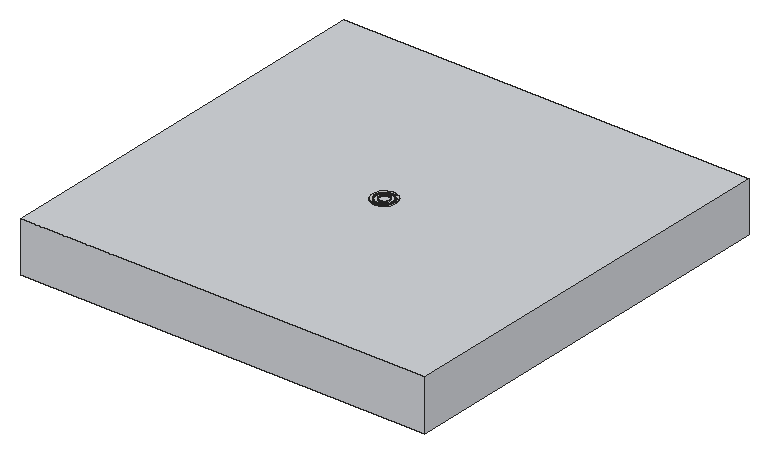
Revit family "LAMP_HANCE DOWNLIGHT RECESSED FLOOD 1000_2000 (DALI)", category Modelos genéricos, Revit 2015
Parameters (values of type "675LM 4000K 1000 BLACK")
  Weight = 0.72 kg
  Type = "COB PHILIPS"
  Tilting [instance] = if(Tilt < 0.00°, 180.00°, if(Tilt > 30.00°, 210.00°, Tilt + 180.00°))  # 180.00°
  Tilt [instance] = 0.00°
  Recessed diameter = 132 mm
  Protection rating = "IP20"
  Product datasheet = "http://www.lamp.es/product-files/TECH/HD1RE10FL840DBB-EN.pdf"
  Product code = "HD1RE10FL840DBB"
  Product URL = "https://www.lamp.es/en/family/hance-downlight_196363"
  Power Supply = "220-240V 50/60Hz"
  Power = 7 W
  Plum = 7.6 W
  Photometric web file = Cuerpo Hance BASE (tilting)_FL : 675LM 4000K 1000 BLACK
  Modelo = Product code  # "HD1RE10FL840DBB"
  Model explanation = "Availability of tilting between 0º and 30º when placed in a project."
  Material interior aro = LAMP_Aluminio Hance Negro
  Material aro = LAMP_Aluminio Hance Negro
  Manufacturer name = "LAMP"
  Manufacturer country = "Spain"
  Manufacturer URL = "http://www.lamp.es/en"
  MacAdam = "3"
  Luminaire type = "Indoor - Recessed downlight"
  Last update = "22/11/2019"
  Lamp = "COB LED"
  LED Lifetime = "50.000 L80 B10"
  Insulation class = "II"
  Installation instructions = "https://www.lamp.es/product-files/INS/1004410-B-INSTR.%20DE%20MONTAJE%20HANCE%20DOWNLIGHT.pdf"
  Initial intensity = 675 lm
  Initial color = 4000 K
  IEE = "A+"
  Gear = "Adjustable DALI"
  Finish = "Texturised black RAL 9011"
  Fabricante = Manufacturer name  # "LAMP"
  Default Elevation = 1219.2 mm
  Efficacy = 88.82 lm/W
  Diameter = 143 mm
  Descripción = "HANCE DOWN REC 1000 NW FL DALI BK."
  Decorative ring [instance] = Aro decorativo (tilting) : Black
  Comentarios de tipo = Model explanation  # "Availability of tilting between 0º and 30º when placed in a project."
  CRI = "80"
Types (8, lengths in mm): name | Product datasheet | Product code | Power | Plum | Photometric web file | Modelo | Material aro | Initial intensity | Initial color | IEE | Finish | Efficacy | Descripción
  675LM 4000K 1000 BLACK | "http://www.lamp.es/product-files/TECH/HD1RE10FL840DBB-EN.pdf" | "HD1RE10FL840DBB" | 7 W | 7.6 W | Cuerpo Hance BASE (tilting)_FL : 675LM 4000K 1000 BLACK | "HD1RE10FL840DBB" | LAMP_Aluminio Hance Negro | 675 lm | 4000 K | "A+" | "Texturised black RAL 9011" | 88.82 lm/W | "HANCE DOWN REC 1000 NW FL DALI BK."
  675LM 4000K 1000 WHITE | "http://www.lamp.es/product-files/TECH/HD1RE10FL840DBW-EN.pdf" | "HD1RE10FL840DBW" | 7 W | 7.6 W | Cuerpo Hance BASE (tilting)_FL : 675LM 4000K 1000 WHITE | "HD1RE10FL840DBW" | LAMP_Aluminio Hance Blanco | 675 lm | 4000 K | "A+" | "Texturised white RAL 9010" | 88.82 lm/W | "HANCE DOWN REC 1000 NW FL DALI WH."
  697LM 3000K 1000 BLACK | "http://www.lamp.es/product-files/TECH/HD1RE10FL830DBB-EN.pdf" | "HD1RE10FL830DBB" | 7 W | 7.7 W | Cuerpo Hance BASE (tilting)_FL : 697LM 3000K 1000 BLACK | "HD1RE10FL830DBB" | LAMP_Aluminio Hance Negro | 697 lm | 3000 K | "A+" | "Texturised black RAL 9011" | 90.49 lm/W | "HANCE DOWN REC 1000 WW FL DALI BK."
  697LM 3000K 1000 WHITE | "http://www.lamp.es/product-files/TECH/HD1RE10FL830DBW-EN.pdf" | "HD1RE10FL830DBW" | 7 W | 7.7 W | Cuerpo Hance BASE (tilting)_FL : 697LM 3000K 1000 WHITE | "HD1RE10FL830DBW" | LAMP_Aluminio Hance Blanco | 697 lm | 3000 K | "A+" | "Texturised white RAL 9010" | 90.49 lm/W | "HANCE DOWN REC 1000 WW FL DALI WH."
  1445LM 3000K 2000 BLACK | "http://www.lamp.es/product-files/TECH/HD1RE20FL830DBB-EN.pdf" | "HD1RE20FL830DBB" | 18 W | 20.7 W | Cuerpo Hance BASE (tilting)_FL : 1445LM 3000K 2000 BLACK | "HD1RE20FL830DBB" | LAMP_Aluminio Hance Negro | 1445 lm | 3000 K | "A" | "Texturised black RAL 9011" | 69.83 lm/W | "HANCE DOWN REC 2000 WW FL DALI BK."
  1445LM 3000K 2000 WHITE | "http://www.lamp.es/product-files/TECH/HD1RE20FL830DBW-EN.pdf" | "HD1RE20FL830DBW" | 18 W | 20.7 W | Cuerpo Hance BASE (tilting)_FL : 1445LM 3000K 2000 WHITE | "HD1RE20FL830DBW" | LAMP_Aluminio Hance Blanco | 1445 lm | 3000 K | "A" | "Texturised white RAL 9010" | 69.83 lm/W | "HANCE DOWN REC 2000 WW FL DALI WH."
  1466LM 4000K 2000 BLACK | "http://www.lamp.es/product-files/TECH/HD1RE20FL840DBB-EN.pdf" | "HD1RE20FL840DBB" | 18 W | 20.6 W | Cuerpo Hance BASE (tilting)_FL : 1466LM 4000K 2000 BLACK | "HD1RE20FL840DBB" | LAMP_Aluminio Hance Negro | 1466 lm | 4000 K | "A" | "Texturised black RAL 9011" | 71.17 lm/W | "HANCE DOWN REC 2000 NW FL DALI BK."
  1466LM 4000K 2000 WHITE | "http://www.lamp.es/product-files/TECH/HD1RE20FL840DBW-EN.pdf" | "HD1RE20FL840DBW" | 18 W | 20.6 W | Cuerpo Hance BASE (tilting)_FL : 1466LM 4000K 2000 WHITE | "HD1RE20FL840DBW" | LAMP_Aluminio Hance Blanco | 1466 lm | 4000 K | "A" | "Texturised white RAL 9010" | 71.17 lm/W | "HANCE DOWN REC 2000 NW FL DALI WH."
Reference planes
  plane 1 "Centro (Frontal/Posterior)": y = 0
  plane 2: z = 0
  plane 3 "Centro (Izquierda/Derecha)": x = 0
Forms (mm)
  Extrusion 1, solid
    sketch origin (0, 0, 0) x (1, 0, 0) y (0, 1, 0)
      loop
        line (-1219.2, 1219.2) -> (-1219.2, -1219.2) -> (1219.2, -1219.2) -> (1219.2, 1219.2) -> (-1219.2, 1219.2)
    from 0 to -304.8
  Revolve 2, solid, material "LAMP_Aluminio Hance Negro" <- "Material aro"
    sketch origin (0, 0, 0) x (1, 0, 0) y (0, 0, 1)
      loop
        line (71.4, 0) -> (71.4, 1) -> (56.5, 1) -> (56.5, -70) -> (64.5, -70) -> (64.5, -69) -> (59, -69) -> (59, 0) -> (71.4, 0)
      axis (0, 1) -> (0, -70)
    angle from 0 to 360
  Revolve 3, solid, material "LAMP_Aluminio Hance Negro" <- "Material interior aro"
    sketch origin (0, 0, 0) x (1, 0, 0) y (0, 0, 1)
      loop
        arc (51.874, -0.646) -> (51.598, -1.016) -> (51.498, -1.466) r 1.1
        arc (51.498, -1.466) -> (49.354, -17.889) -> (43.277, -33.297) r 67.535
        arc (43.277, -33.297) -> (42.922, -33.665) -> (42.43, -33.8) r 0.965
        line (42.43, -33.8) -> (0, -33.8) -> (0, -34.8) -> (42.43, -34.8)
        arc (42.43, -34.8) -> (42.922, -34.665) -> (43.277, -34.297) r 0.965
        arc (43.277, -34.297) -> (49.354, -18.889) -> (51.498, -2.466) r 67.535
        arc (51.498, -2.466) -> (51.598, -2.016) -> (51.874, -1.646) r 1.1
        arc (51.874, -1.646) -> (53.912, -0.425) -> (56.25, 0) r 6.641
        line (56.25, 0) -> (56.25, 1)
        arc (56.25, 1) -> (53.912, 0.575) -> (51.874, -0.646) r 6.641
      axis (0, 1) -> (0, -34.8)
    angle from 0 to 360
  Extrusion 4, void
    sketch origin (0, 0, 0) x (1, 0, 0) y (0, 1, 0)
      loop
        line (7.1, 33.5) -> (-7.105, 33.5)
        arc (-7.105, 33.5) -> (-40.605, 0) -> (-7.105, -33.5) r 33.5
        line (-7.105, -33.5) -> (7.1, -33.5)
        arc (7.1, -33.5) -> (40.6, 0) -> (7.1, 33.5) r 33.5
    from -41.216 to -28.478
Cuts and joins
  Extrusion 4 cuts Revolve 3
Text (mm)
  text "Any modification of the parameters and properties of the LAMP BIM models must be executed and validated by the LAMP technical department.\n\nPhone: +34 93 736 68 00\n\nE-mail: lamp@lamp.es\n\n\n\nLAMP reserves the right to modify the technical specifications of its products." at (39771.841, -40794.867, 40621.237), in view "Preview"
Dimensions and locks
  aligned and locked: plane 2 to Extrusion 1
  aligned and locked: level to Extrusion 1
Nested families
  nested 1: "Cuerpo Hance BASE (tilting)_FL" at (0, 1.967, -41.662), type <- "Photometric web file", type "675LM 4000K 1000 BLACK"
    with Tilting 180.00°
  nested 2: "Aro decorativo (tilting)" at (-27.9, 0, -89.982), type <- "Decorative ring", type "Black"
    with Tilting 0.00°
Connectors
  electrical at (-16.363, 0, -133)
    settings: on nested 1, index 1, voltage 230 V, apparent load 0 VA, apparent load phase1 0 VA, apparent load phase2 0 VA, apparent load phase3 0 VA, power factor 1, load classification "Otro", number of poles 1, system type 31, power factor state 1, is connector primary yes, connector utility no, sub classification motor no, connector description ""
Definition of nested family "Cuerpo Hance BASE (tilting)_FL"
  Parameters (values of type "675LM 4000K 1000 BLACK")
    Tilting = 90.00°
    Photometric web file = Cuerpo Hance BASE_FL : 675LM 4000K 1000 BLACK
    Longitud cuerpo = 135 mm
    Default Elevation = 1219.2 mm
  Types (17, lengths in mm): name | Photometric web file
    (no name) | Cuerpo Hance BASE_FL : 675LM 4000K 1000 BLACK
    675LM 4000K 1000 BLACK | Cuerpo Hance BASE_FL : 675LM 4000K 1000 BLACK
    675LM 4000K 1000 WHITE | Cuerpo Hance BASE_FL : 675LM 4000K 1000 WHITE
    697LM 3000K 1000 BLACK | Cuerpo Hance BASE_FL : 697LM 3000K 1000 BLACK
    697LM 3000K 1000 WHITE | Cuerpo Hance BASE_FL : 697LM 3000K 1000 WHITE
    1445LM 3000K 2000 BLACK | Cuerpo Hance BASE_FL : 1445LM 3000K 2000 BLACK
    1445LM 3000K 2000 WHITE | Cuerpo Hance BASE_FL : 1445LM 3000K 2000 WHITE
    1466LM 4000K 2000 BLACK | Cuerpo Hance BASE_FL : 1466LM 4000K 2000 BLACK
    1466LM 4000K 2000 WHITE | Cuerpo Hance BASE_FL : 1466LM 4000K 2000 WHITE
    2686LM 4000K 3000 BLACK | Cuerpo Hance BASE_FL : 2686LM 4000K 3000 BLACK
    2686LM 4000K 3000 WHITE | Cuerpo Hance BASE_FL : 2686LM 4000K 3000 WHITE
    2740LM 3000K 3000 BLACK | Cuerpo Hance BASE_FL : 2740LM 3000K 3000 BLACK
    2740LM 3000K 3000 WHITE | Cuerpo Hance BASE_FL : 2740LM 3000K 3000 WHITE
    3695LM 3000K 4000 BLACK | Cuerpo Hance BASE_FL : 3695LM 3000K 4000 BLACK
    3695LM 3000K 4000 WHITE | Cuerpo Hance BASE_FL : 3695LM 3000K 4000 WHITE
    3845LM 4000K 4000 BLACK | Cuerpo Hance BASE_FL : 3845LM 4000K 4000 BLACK
    3845LM 4000K 4000 WHITE | Cuerpo Hance BASE_FL : 3845LM 4000K 4000 WHITE
  Reference planes
    plane 1 "Centro (Frontal/Posterior)": y = 0
    plane 2: z = 0
    plane 3 "Centro (Izquierda/Derecha)": x = 0
  Lines and regions (mm)
    reference lines
      curve 1: line (0, 0, 0) -> (200, 0, 0)
  Dimensions and locks
    "Tilting": angle plane 3 "Centro (Izquierda/Derecha)" to curve 1
    aligned and locked: level to plane 2
    aligned and locked: plane 3 "Centro (Izquierda/Derecha)" to curve 1
    aligned and locked: plane 2 to curve 1
  Nested families
    nested 1: "Cuerpo Hance BASE_FL" at (-50.338, -1.967, 27.875), type <- "Photometric web file", type "675LM 4000K 1000 BLACK"
  Definition of nested family "Cuerpo Hance BASE_FL"
    Parameters (values of type "675LM 4000K 1000 BLACK")
      Tilt Angle = 90.00° + Tilting  # 180.00°
      Wattage = 7.6 W
      Tilting = 90.00°
      built-in parameter 1150107 = 4000 (stored number, unit not read)
      Radio vacio posterior = Radio cuerpo - 2.2 mm  # 30.3 mm
      Radio vaciado = Radio cuerpo - 1.5 mm  # 31 mm
      Radio cuerpo = if(Longitud cuerpo = 210 mm, 45 mm, 32.5 mm)  # 32.5 mm
      built-in parameter 1150110 = 1 (stored number, unit not read)
      built-in parameter 1150109 = 1 (stored number, unit not read)
      built-in parameter 1150112 = 1 (stored number, unit not read)
      built-in parameter 1150113 = 1 (stored number, unit not read)
      built-in parameter 1114218 = 1 (stored number, unit not read)
      built-in parameter 1150137 = (empty or 0)
      built-in parameter 1150132 = 2
      Material reflector = none
      Material cuerpo = none
      Material COB = none
      Longitud cuerpo = 135 mm
      Long. origen luz = if(Longitud cuerpo = 135 mm, 20 mm, if(Longitud cuerpo = 170 mm, 55 mm, 90 mm))  # 20 mm
      L_3 = if(Ancho disipador posterior = 80.4 mm, 39.6 mm, 12 mm)  # 12 mm
      L_2 = if(Ancho disipador posterior = 80.4 mm, 36.3 mm, 22.6 mm)  # 22.6 mm
      L_1 = if(Ancho disipador posterior = 80.4 mm, 36.8 mm, 25.4 mm)  # 25.4 mm
      built-in parameter 1150105 = 2229.4 (stored number, unit not read)
      built-in parameter 1150102 = (empty or 0)
      built-in parameter 1150106 = 22.294 (stored number, unit not read)
      Lumens = 675.032 lm
      Color Filter = 16777215
      built-in parameter 1114217 = 1 (stored number, unit not read)
      built-in parameter 1150139 = (empty or 0)
      Default Elevation = 1219.2 mm
      built-in parameter 1150104 = 8.2516 (stored number, unit not read)
      Diametro aro = if(Radio cuerpo = 45 mm, 42.9 mm, 30.4 mm)  # 30.4 mm
      built-in parameter 1150115 = 1 (stored number, unit not read)
      built-in parameter 1150114 = 1 (stored number, unit not read)
      built-in parameter 1150138 = (empty or 0)
      built-in parameter 1150134 = 12
      Dimming Lamp Color Temperature Shift = (empty or 0)
      Photometric Web File = "HD1RE10FL840NBB.IES"
      Ancho vaciado reflector = if(Radio cuerpo = 45 mm, 34.4 mm, 21.9 mm)  # 21.9 mm
      Ancho reflector = if(Radio cuerpo = 45 mm, 35.4 mm, 22.9 mm)  # 22.9 mm
      Ancho disipador posterior = if(Radio cuerpo = 32.5 mm, 53 mm, 80.4 mm)  # 53 mm
      built-in parameter 1150133 = 10 (stored number, unit not read)
      Altura disipador superior = if(Radio cuerpo = 45 mm, 23.9 mm, 36.9 mm)  # 36.9 mm
      Ancho disipador superior = if(Radio cuerpo = 45 mm, 28 mm, 22.6 mm)  # 22.6 mm
    Types (16, lengths in mm): name | Wattage | built-in parameter 1150107 | built-in parameter 1150105 | built-in parameter 1150106 | Lumens | built-in parameter 1150104 | built-in parameter 1150134 | Photometric Web File
      675LM 4000K 1000 BLACK | 7.6 W | 4000 (stored number, unit not read) | 2229.4 (stored number, unit not read) | 22.294 (stored number, unit not read) | 675.032 lm | 8.2516 (stored number, unit not read) | 12 | "HD1RE10FL840NBB.IES"
      675LM 4000K 1000 WHITE | 7.6 W | 4000 (stored number, unit not read) | 2229.4 (stored number, unit not read) | 22.294 (stored number, unit not read) | 675.032 lm | 8.2516 (stored number, unit not read) | 12 | "HD1RE10FL840NBW.IES"
      697LM 3000K 1000 BLACK | 7.7 W | 3000 (stored number, unit not read) | 1447 (stored number, unit not read) | 14.47 (stored number, unit not read) | 696.773 lm | 8.4068 (stored number, unit not read) | (empty or 0) | "HD1RE10FL830NBB.IES"
      697LM 3000K 1000 WHITE | 7.7 W | 3000 (stored number, unit not read) | 1447 (stored number, unit not read) | 14.47 (stored number, unit not read) | 696.773 lm | 8.4068 (stored number, unit not read) | (empty or 0) | "HD1RE10FL830NBW.IES"
      1445LM 3000K 2000 BLACK | 20.7 W | 3000 (stored number, unit not read) | 3001.7 (stored number, unit not read) | 30.017 (stored number, unit not read) | 1445.48 lm | 6.4874 (stored number, unit not read) | (empty or 0) | "HD1RE20FL830NBB.IES"
      1445LM 3000K 2000 WHITE | 20.7 W | 3000 (stored number, unit not read) | 3001.7 (stored number, unit not read) | 30.017 (stored number, unit not read) | 1445.48 lm | 6.4874 (stored number, unit not read) | (empty or 0) | "HD1RE20FL830NBW.IES"
      1466LM 4000K 2000 BLACK | 20.6 W | 4000 (stored number, unit not read) | 2960 (stored number, unit not read) | 29.6 (stored number, unit not read) | 1466.1 lm | 6.6119 (stored number, unit not read) | 12 | "HD1RE20FL840NBB.IES"
      1466LM 4000K 2000 WHITE | 20.6 W | 4000 (stored number, unit not read) | 2960 (stored number, unit not read) | 29.6 (stored number, unit not read) | 1466.1 lm | 6.6119 (stored number, unit not read) | 12 | "HD1RE20FL840NBB.IES"
      2686LM 4000K 3000 BLACK | 27.8 W | 4000 (stored number, unit not read) | 5423.1 (stored number, unit not read) | 54.231 (stored number, unit not read) | 2686.04 lm | 8.9763 (stored number, unit not read) | 12 | "HD1RE30FL840NBB.IES"
      2686LM 4000K 3000 WHITE | 27.8 W | 4000 (stored number, unit not read) | 5423.1 (stored number, unit not read) | 54.231 (stored number, unit not read) | 2686.04 lm | 8.9763 (stored number, unit not read) | 12 | "HD1RE30FL840NBW.IES"
      2740LM 3000K 3000 BLACK | 28.2 W | 3000 (stored number, unit not read) | 8235.7 (stored number, unit not read) | 82.357 (stored number, unit not read) | 2739.91 lm | 9.0265 (stored number, unit not read) | (empty or 0) | "HD1RE30FL830NBB.IES"
      2740LM 3000K 3000 WHITE | 28.2 W | 3000 (stored number, unit not read) | 8235.7 (stored number, unit not read) | 82.357 (stored number, unit not read) | 2739.91 lm | 9.0265 (stored number, unit not read) | (empty or 0) | "HD1RE30FL830NBW.IES"
      3695LM 3000K 4000 BLACK | 37.6 W | 3000 (stored number, unit not read) | 294.06 (stored number, unit not read) | 2.9406 (stored number, unit not read) | 3695.33 lm | 9.1305 (stored number, unit not read) | (empty or 0) | "HD1RE40FL830NBB.IES"
      3695LM 3000K 4000 WHITE | 37.6 W | 3000 (stored number, unit not read) | 294.06 (stored number, unit not read) | 2.9406 (stored number, unit not read) | 3695.33 lm | 9.1305 (stored number, unit not read) | (empty or 0) | "HD1RE40FL830NBB.IES"
      3845LM 4000K 4000 BLACK | 37.6 W | 4000 (stored number, unit not read) | 11268 (stored number, unit not read) | 112.68 (stored number, unit not read) | 3844.98 lm | 9.5003 (stored number, unit not read) | 12 | "HD1RE40FL840NBB.IES"
      3845LM 4000K 4000 WHITE | 37.6 W | 4000 (stored number, unit not read) | 11268 (stored number, unit not read) | 112.68 (stored number, unit not read) | 3844.98 lm | 9.5003 (stored number, unit not read) | 12 | "HD1RE40FL840NBW.IES"
    Reference planes
      plane 1 "Centro (Frontal/Posterior)": y = 0
      plane 2: z = 0
      plane 3 "Centro (Izquierda/Derecha)": x = 0
    Forms (mm)
      Extrusion 1, solid, material <- "Material cuerpo"
        sketch origin (0, 0, 0) x (0, -1, 0) y (0, 0, 1)
          loop
            circle (0, -27.875) r 32.5
        from -93 to 42
      Extrusion 2, void
        sketch origin (0, 0, 0) x (0, 1, 0) y (0, 0, 1)
          loop
            line (11.3, 30) -> (-11.3, 30) -> (-11.3, -6.9)
            arc (-11.3, -6.9) -> (0, -7.855) -> (11.3, -6.9) r 67.349
            line (11.3, -6.9) -> (11.3, 30)
        from -42 to 9.4
      Extrusion 3, void
        sketch origin (0, 0, 0) x (0, 1, 0) y (0, 0, 1)
          loop
            circle (0, -27.875) r 30.3
        from -42 to -41
      Extrusion 4, void
        sketch origin (0, 0, 0) x (0, 1, 0) y (0, 0, 1)
          loop
            line (26.5, -26.291) -> (-26.5, -26.291)
            arc (-26.5, -26.291) -> (-27.7, -27.491) -> (-26.5, -28.691) r 1.2
            line (-26.5, -28.691) -> (26.5, -28.691)
            arc (26.5, -28.691) -> (27.7, -27.491) -> (26.5, -26.291) r 1.2
          loop
            line (26.115, -30.891) -> (-26.115, -30.891)
            arc (-26.115, -30.891) -> (-27.315, -32.091) -> (-26.115, -33.291) r 1.2
            line (-26.115, -33.291) -> (26.115, -33.291)
            arc (26.115, -33.291) -> (27.315, -32.091) -> (26.115, -30.891) r 1.2
          loop
            line (25.4, -35.55) -> (-24.915, -35.55)
            arc (-24.915, -35.55) -> (-26.115, -36.75) -> (-24.915, -37.95) r 1.2
            line (-24.915, -37.95) -> (25.4, -37.95)
            arc (25.4, -37.95) -> (26.6, -36.75) -> (25.4, -35.55) r 1.2
          loop
            line (22.6, -40.091) -> (-22.64, -40.091)
            arc (-22.64, -40.091) -> (-23.84, -41.291) -> (-22.64, -42.491) r 1.2
            line (-22.64, -42.491) -> (22.6, -42.491)
            arc (22.6, -42.491) -> (23.8, -41.291) -> (22.6, -40.091) r 1.2
          loop
            line (19.043, -44.691) -> (-19.086, -44.691)
            arc (-19.086, -44.691) -> (-20.286, -45.891) -> (-19.086, -47.091) r 1.2
            line (-19.086, -47.091) -> (19.043, -47.091)
            arc (19.043, -47.091) -> (20.243, -45.891) -> (19.043, -44.691) r 1.2
          loop
            line (15.357, -49.291) -> (-15.5, -49.291)
            arc (-15.5, -49.291) -> (-16.6, -50.391) -> (-15.5, -51.491) r 1.1
            line (-15.5, -51.491) -> (15.357, -51.491)
            arc (15.357, -51.491) -> (16.457, -50.391) -> (15.357, -49.291) r 1.1
          loop
            line (6, -53.691) -> (-6, -53.691)
            arc (-6, -53.691) -> (-7.1, -54.791) -> (-6, -55.891) r 1.1
            line (-6, -55.891) -> (6, -55.891)
            arc (6, -55.891) -> (7.1, -54.791) -> (6, -53.691) r 1.1
        from -42 to -38.7
      Extrusion 5, void
        sketch origin (0, 0, 0) x (-1, 0, 0) y (0, -1, 0)
          loop
            line (37.7, -9.12) -> (37.7, 9.12)
            arc (37.7, 9.12) -> (36.6, 10.22) -> (35.5, 9.12) r 1.1
            line (35.5, 9.12) -> (35.5, -9.12)
            arc (35.5, -9.12) -> (36.6, -10.22) -> (37.7, -9.12) r 1.1
          loop
            line (28.9, -9.12) -> (28.9, 9.12)
            arc (28.9, 9.12) -> (27.8, 10.22) -> (26.7, 9.12) r 1.1
            line (26.7, 9.12) -> (26.7, -9.12)
            arc (26.7, -9.12) -> (27.8, -10.22) -> (28.9, -9.12) r 1.1
          loop
            line (20.1, -9.12) -> (20.1, 9.12)
            arc (20.1, 9.12) -> (19, 10.22) -> (17.9, 9.12) r 1.1
            line (17.9, 9.12) -> (17.9, -9.12)
            arc (17.9, -9.12) -> (19, -10.22) -> (20.1, -9.12) r 1.1
        from -51.491 to 30
      Extrusion 6, void
        sketch origin (0, 0, 0) x (-1, 0, 0) y (0, -1, 0)
          loop
            line (33.3, -9.12) -> (33.3, 9.12)
            arc (33.3, 9.12) -> (32.2, 10.22) -> (31.1, 9.12) r 1.1
            line (31.1, 9.12) -> (31.1, -9.12)
            arc (31.1, -9.12) -> (32.2, -10.22) -> (33.3, -9.12) r 1.1
          loop
            line (24.5, -9.12) -> (24.5, 9.12)
            arc (24.5, 9.12) -> (23.4, 10.22) -> (22.3, 9.12) r 1.1
            line (22.3, 9.12) -> (22.3, -9.12)
            arc (22.3, -9.12) -> (23.4, -10.22) -> (24.5, -9.12) r 1.1
        from -8.232 to 30
      Extrusion 7, void
        sketch origin (0, 0, 0) x (0, 1, 0) y (0, 0, 1)
          loop
            circle (0, -27.875) r 31
        from 17.213 to 93
      Revolve 8, solid, material <- "Material reflector"
        sketch origin (0, 0, 0) x (1, 0, 0) y (0, 0, 1)
          loop
            line (60.5, -27.875) -> (80.818, -27.875) -> (80.818, -4.975) -> (60.5, -19.875) -> (60.5, -27.875)
          axis (60.5, -27.875) -> (80.818, -27.875)
        angle from 0 to 360
      Revolve 9, void
        sketch origin (0, 0, 0) x (1, 0, 0) y (0, 0, 1)
          loop
            line (80.818, -5.975) -> (61.5, -20.142) -> (60.5, -20.142) -> (60.5, -27.875) -> (61.5, -27.875) -> (80.818, -27.875) -> (80.818, -5.975)
          axis (80.818, -27.875) -> (60.5, -27.875)
        angle from 0 to 360
      Extrusion 10, solid, material <- "Material COB"
        sketch origin (0, 0, 0) x (0, -1, 0) y (0, 0, 1)
          loop
            circle (0, -27.875) r 7.733
        from -61.5 to -60.5
    Cuts and joins
      Extrusion 2, Extrusion 3, Extrusion 4, Extrusion 5, Extrusion 6, Extrusion 7 cuts Extrusion 1
      Revolve 9 cuts Revolve 8
    Lines and regions (mm)
      reference lines
        curve 1: line (0, 0, 0) -> (178.042, 0, 0)
        curve 2: line (93, 0, -27.875) -> (113, 0, -27.875)
        curve 3: line (0, 0, 0) -> (0, 0, -75)
        curve 4: line (93, 0, -22.875) -> (93, 0, -32.875)
    Text (mm)
      text "Any modification of the parameters and properties of the LAMP BIM models must be executed and validated by the LAMP technical department.\n\nPhone: +34 93 736 68 00\n\nE-mail: lamp@lamp.es\n\n\n\nLAMP reserves the right to modify the technical specifications of its products." at (97482.136, -81600.41, 57308.082), in view "Preview"
    Dimensions and locks
      locked: Revolve 9 sketch curve to cut or joined group of Extrusion 1, Extrusion 2, Extrusion 3, Extrusion 4, Extrusion 5, Extrusion 6, Extrusion 7 at 12.182
      "Longitud cuerpo": cut or joined group of Extrusion 1, Extrusion 2, Extrusion 3, Extrusion 4, Extrusion 5, Extrusion 6, Extrusion 7 to cut or joined group of Extrusion 1, Extrusion 2, Extrusion 3, Extrusion 4, Extrusion 5, Extrusion 6, Extrusion 7
      locked: cut or joined group of Extrusion 1, Extrusion 2, Extrusion 3, Extrusion 4, Extrusion 5, Extrusion 6, Extrusion 7 to curve 3 at 42
      locked: cut or joined group of Revolve 8, Revolve 9 to cut or joined group of Extrusion 1, Extrusion 2, Extrusion 3, Extrusion 4, Extrusion 5, Extrusion 6, Extrusion 7 at 12.182
      locked: cut or joined group of Revolve 8, Revolve 9 to cut or joined group of Revolve 8, Revolve 9 at 20.318
      locked: cut or joined group of Extrusion 1, Extrusion 2, Extrusion 3, Extrusion 4, Extrusion 5, Extrusion 6, Extrusion 7 to Extrusion 10 at 31.5
      locked: Extrusion 10 to Extrusion 10 at 1
      "Long. origen luz": curve 4 to curve 2
      equal spacing: Extrusion 4 sketch curve, plane 1 "Centro (Frontal/Posterior)", Extrusion 4 sketch curve  (x2)
      "Ancho disipador posterior": Extrusion 4 sketch curve to Extrusion 4 sketch curve
      "L_1": Extrusion 4 sketch curve to plane 1 "Centro (Frontal/Posterior)"
      "L_2": Extrusion 4 sketch curve to curve 3
      "L_3": Extrusion 4 sketch curve to Extrusion 4 sketch curve
      equal spacing: Extrusion 2 sketch curve, plane 1 "Centro (Frontal/Posterior)", Extrusion 2 sketch curve
      "Ancho disipador superior": Extrusion 2 sketch curve to Extrusion 2 sketch curve
      "Altura disipador superior": Extrusion 2 sketch curve to Extrusion 2 sketch curve
      locked: plane 2 to Extrusion 2 sketch curve at 30
      "Ancho reflector": Revolve 8 sketch curve to imposter light
      "Ancho vaciado reflector": Revolve 9 sketch curve to imposter light
      "Radio cuerpo": radius of Extrusion 1 sketch curve
      "Radio vaciado": radius of Extrusion 7 sketch curve
      "Radio vacio posterior": radius of Extrusion 3 sketch curve
      "Tilting": angle plane 3 "Centro (Izquierda/Derecha)" to curve 1
      aligned and locked: level to plane 2
      aligned and locked: imposter light to curve 2  (x2)
      aligned and locked: cut or joined group of Extrusion 1, Extrusion 2, Extrusion 3, Extrusion 4, Extrusion 5, Extrusion 6, Extrusion 7 to cut or joined group of Extrusion 1, Extrusion 2, Extrusion 3, Extrusion 4, Extrusion 5, Extrusion 6, Extrusion 7
    Automatic sketch dimensions
      curve 1 to Extrusion 5 sketch curve = 17.9 mm
      Extrusion 5 sketch curve to Extrusion 5 sketch curve = 1.1 mm  (x3)
      Extrusion 5 sketch curve to Extrusion 5 sketch curve = 6.6 mm  (x2)
      Extrusion 5 sketch curve to curve 1 = 9.12 mm  (x2)
      Extrusion 5 sketch curve to Extrusion 5 sketch curve = 0 mm  (x3)
      curve 1 to Extrusion 5 sketch curve = 9.12 mm
      curve 1 to Extrusion 6 sketch curve = 22.3 mm
      Extrusion 6 sketch curve to Extrusion 6 sketch curve = 1.1 mm  (x2)
      Extrusion 6 sketch curve to Extrusion 6 sketch curve = 6.6 mm
      Extrusion 6 sketch curve to curve 1 = 9.12 mm
      Extrusion 6 sketch curve to Extrusion 6 sketch curve = 0 mm  (x2)
      curve 1 to Extrusion 6 sketch curve = 9.12 mm
      Extrusion 10 sketch curve to plane 1 "Centro (Frontal/Posterior)" = 0 mm
      Extrusion 1 sketch curve to plane 1 "Centro (Frontal/Posterior)" = 0 mm
      Extrusion 1 sketch curve to level = 27.875 mm
      Extrusion 2 sketch curve to plane 1 "Centro (Frontal/Posterior)" = 0 mm
      Extrusion 2 sketch curve to Extrusion 2 sketch curve = 29.494 mm
      Extrusion 3 sketch curve to plane 1 "Centro (Frontal/Posterior)" = 0 mm
      Extrusion 3 sketch curve to level = 27.875 mm
      Extrusion 4 sketch curve to Extrusion 4 sketch curve = 0.385 mm  (x2)
      Extrusion 4 sketch curve to Extrusion 4 sketch curve = 1.2 mm  (x6)
      Extrusion 4 sketch curve to Extrusion 4 sketch curve = 2.276 mm
      Extrusion 4 sketch curve to Extrusion 4 sketch curve = 3.554 mm
      Extrusion 4 sketch curve to Extrusion 4 sketch curve = 3.586 mm
      Extrusion 4 sketch curve to Extrusion 4 sketch curve = 9.357 mm
      Extrusion 4 sketch curve to Extrusion 4 sketch curve = 3.557 mm
      Extrusion 4 sketch curve to level = 55.891 mm
      Extrusion 4 sketch curve to Extrusion 4 sketch curve = 1.1 mm  (x2)
      Extrusion 4 sketch curve to Extrusion 4 sketch curve = 2.2 mm  (x4)
      Extrusion 4 sketch curve to Extrusion 4 sketch curve = 2.141 mm
      Extrusion 4 sketch curve to Extrusion 4 sketch curve = 2.259 mm
      Extrusion 7 sketch curve to plane 1 "Centro (Frontal/Posterior)" = 0 mm
      Extrusion 7 sketch curve to level = 27.875 mm
      curve 1 to Revolve 8 sketch curve = 19.875 mm
      curve 1 to Revolve 8 sketch curve = 60.5 mm
      Revolve 8 sketch curve to Revolve 8 sketch curve = 20.318 mm
      Revolve 8 sketch curve to Revolve 8 sketch curve = 8 mm
      Revolve 8 sketch curve to Revolve 8 sketch curve = 0 mm  (x2)
      Revolve 8 sketch curve to Revolve 8 sketch curve = 9.682 mm
      Revolve 9 sketch curve to Revolve 9 sketch curve = 19.318 mm
      Revolve 9 sketch curve to Revolve 9 sketch curve = 0 mm  (x3)
      Revolve 9 sketch curve to Revolve 9 sketch curve = 1 mm
      curve 1 to Revolve 9 sketch curve = 20.142 mm
      Revolve 9 sketch curve to Revolve 9 sketch curve = 7.733 mm
      Revolve 9 sketch curve to Revolve 9 sketch curve = 9.682 mm
      curve 1 to level = 0 mm
      curve 1 to plane 3 "Centro (Izquierda/Derecha)" = 0 mm
      curve 3 to curve 1 = 0 mm  (x2)
      curve 3 to curve 1 = 75 mm
      curve 1 to curve 4 = 32.875 mm
      curve 4 to curve 1 = 85.042 mm
      curve 4 to curve 2 = 5 mm
      curve 2 to curve 4 = 5 mm
      radius of Extrusion 10 sketch curve = 7.733 mm
Definition of nested family "Aro decorativo (tilting)"
  Parameters (values of type "Copper")
    Weight (3000/4000) = 0.016 kg
    Weight (1000/2000) = 0.01 kg
    Tilting = 90.00°
    Product datasheet = ""
    Product code (3000/4000) = "HSRI90C"
    Product code (1000/2000) = "HSRI65C"
    Product URL = ""
    Model = ""
    Material aro = none
    Manufacturer name = "LAMP"
    Manufacturer country = "Spain"
    Manufacturer URL = "http://www.lamp.es/en"
    Longitud = 63.6 mm
    Last update = "21/05/2018"
    Installation instructions = ""
    Finish = "Metalized matt copper"
    Manufacturer = Manufacturer name  # "LAMP"
    Default Elevation = 1219.2 mm
    Diameter (3000/4000) = 90 mm
    Diameter (1000/2000) = 65 mm
    Description = ""
    Accessory Type = "Optic"
    3000/4000 Model = "HSRI90C"
    3000/4000 Description = "HANCE 3000/4000 ACC. RING DECO CO."
    1000/2000 Model = "HSRI65C"
    1000/2000 Description = "HANCE 1000/2000 ACC. RING DECO CO."
  Types (5, lengths in mm): name | Product code (3000/4000) | Product code (1000/2000) | Finish | 3000/4000 Model | 3000/4000 Description | 1000/2000 Model | 1000/2000 Description
    (no name) | "HSRI90C" | "HSRI65C" | "Metalized matt copper" | "HSRI90C" | "HANCE 3000/4000 ACC. RING DECO CO." | "HSRI65C" | "HANCE 1000/2000 ACC. RING DECO CO."
    Black | "HSRI90B" | "HSRI65B" | "Matt black" | "HSRI90B" | "HANCE 3000/4000 ACC. RING DECO BK." | "HSRI65B" | "HANCE 1000/2000 ACC. RING DECO BK."
    Copper | "HSRI90C" | "HSRI65C" | "Metalized matt copper" | "HSRI90C" | "HANCE 3000/4000 ACC. RING DECO CO." | "HSRI65C" | "HANCE 1000/2000 ACC. RING DECO CO."
    Grey | "HSRI90M" | "HSRI65M" | "Metalized matt silver" | "HSRI90M" | "HANCE 3000/4000 ACC. RING DECO MET." | "HSRI65M" | "HANCE 1000/2000 ACC. RING DECO MET."
    White | "HSRI90W" | "HSRI65W" | "Matt White" | "HSRI90W" | "HANCE 3000/4000 ACC. RING DECO WH." | "HSRI65W" | "HANCE 1000/2000 ACC. RING DECO WH."
  Reference planes
    plane 1 "Centro (Frontal/Posterior)": y = 0
    plane 2: z = 0
    plane 3 "Centro (Izquierda/Derecha)": x = 0
  Lines and regions (mm)
    reference lines
      curve 1: line (0, 0, 0) -> (0, 0, -27.9)
      curve 2: line (0, 0, -27.9) -> (80.8, 0, -27.9)
  Text (mm)
    text "Any modification of the parameters and properties of the LAMP BIM models must be executed and validated by the LAMP technical department.\n\nPhone: +34 93 736 68 00\n\nE-mail: lamp@lamp.es\n\n\n\nLAMP reserves the right to modify the technical specifications of its products." at (86527.204, -96597.187, 50741.736), in view "Preview"
  Dimensions and locks
    "Tilting": angle curve 1 to plane 2
    aligned and locked: level to plane 2
    aligned and locked: plane 3 "Centro (Izquierda/Derecha)" to curve 1
    aligned and locked: plane 2 to curve 1
  Automatic sketch dimensions
    curve 2 to curve 1 = 0 mm
    curve 1 to curve 2 = 0 mm
    curve 1 to curve 2 = 80.8 mm
  Nested families
    nested 1: "Aro decorativo" at (17.2, 0, 0), type "Copper"
  Definition of nested family "Aro decorativo"
    Parameters (values of type "Copper")
      Weight (3000/4000) = 0.016 kg
      Weight (1000/2000) = 0.01 kg
      Product datasheet = ""
      Product code (3000/4000) = "HSRI90C"
      Product code (1000/2000) = "HSRI65C"
      Product URL = ""
      Model = ""
      Material aro = none
      Manufacturer name = "LAMP"
      Manufacturer country = "Spain"
      Manufacturer URL = "http://www.lamp.es/en"
      Longitud = 63.6 mm
      Last update = "21/05/2018"
      Installation instructions = ""
      Finish = "Metalized matt copper"
      Manufacturer = Manufacturer name  # "LAMP"
      Default Elevation = 1219.2 mm
      Diametro vaciado aro interior = if(Diametro aro interior = 35.4 mm, 34.4 mm, 21.9 mm)  # 21.9 mm
      Diametro vaciado aro exterior = if(Diametro aro exterior = 42.9 mm, 41.9 mm, 29.4 mm)  # 29.4 mm
      Diametro aro interior = if(Diametro aro exterior = 42.9 mm, 35.4 mm, 22.9 mm)  # 22.9 mm
      Diametro aro exterior = if(Longitud = 138.6 mm, 42.9 mm, 30.4 mm)  # 30.4 mm
      Diameter (3000/4000) = 90 mm
      Diameter (1000/2000) = 65 mm
      Description = ""
      Accessory Type = "Optic"
      3000/4000 Model = "HSRI90C"
      3000/4000 Description = "HANCE 3000/4000 ACC. RING DECO CO."
      1000/2000 Description = "HANCE 1000/2000 ACC. RING DECO CO."
      1000/2000 Model = "HSRI65C"
    Types (5, lengths in mm): name | Product code (3000/4000) | Product code (1000/2000) | Finish | 3000/4000 Model | 3000/4000 Description | 1000/2000 Description | 1000/2000 Model
      (no name) | "HSRI90C" | "HSRI65C" | "Metalized matt copper" | "HSRI90C" | "HANCE 3000/4000 ACC. RING DECO CO." | "HANCE 1000/2000 ACC. RING DECO CO." | "HSRI65C"
      Black | "HSRI90B" | "HSRI65B" | "Matt black" | "HSRI90B" | "HANCE 3000/4000 ACC. RING DECO BK." | "HANCE 1000/2000 ACC. RING DECO BK." | "HSRI65B"
      Copper | "HSRI90C" | "HSRI65C" | "Metalized matt copper" | "HSRI90C" | "HANCE 3000/4000 ACC. RING DECO CO." | "HANCE 1000/2000 ACC. RING DECO CO." | "HSRI65C"
      Grey | "HSRI90M" | "HSRI65M" | "Metalized matt silver" | "HSRI90M" | "HANCE 3000/4000 ACC. RING DECO MET." | "HANCE 1000/2000 ACC. RING DECO MET." | "HSRI65M"
      White | "HSRI90W" | "HSRI65W" | "Matt white" | "HSRI90W" | "HANCE 3000/4000 ACC. RING DECO WH." | "HANCE 1000/2000 ACC. RING DECO WH." | "HSRI65W"
    Reference planes
      plane 1 "Centro (Frontal/Posterior)": y = 0
      plane 2: z = 0
      plane 3 "Centro (Izquierda/Derecha)": x = 0
    Forms (mm)
      Revolve 1, solid, material <- "Material aro"
        sketch origin (0, 0, -27.9) x (1, 0, 0) y (0, 0, 1)
          loop
            line (63.6, 0) -> (73.782, 0) -> (73.782, 30.4) -> (63.6, 22.9) -> (63.6, 0)
          axis (73.782, 0) -> (63.6, 0)
        angle from 0 to 360
      Revolve 2, void
        sketch origin (0, 0, -27.9) x (1, 0, 0) y (0, 0, 1)
          loop
            line (73.782, 29.4) -> (63.6, 21.9) -> (63.6, 0) -> (73.782, 0) -> (73.782, 29.4)
          axis (63.6, 0) -> (73.782, 0)
        angle from 0 to 360
    Cuts and joins
      Revolve 2 cuts Revolve 1
    Lines and regions (mm)
      reference lines
        curve 1: line (0, 0, -27.9) -> (63.6, 0, -27.9)
    Text (mm)
      text "Any modification of the parameters and properties of the LAMP BIM models must be executed and validated by the LAMP technical department.\n\nPhone: +34 93 736 68 00\n\nE-mail: lamp@lamp.es\n\n\n\nLAMP reserves the right to modify the technical specifications of its products." at (91886.357, -93022.329, 47898.266), in view "Preview"
    Dimensions and locks
      "Diametro aro exterior": Revolve 1 sketch curve to Revolve 1 sketch curve
      "Diametro vaciado aro exterior": Revolve 2 sketch curve to Revolve 2 sketch curve
      "Longitud": curve 1 to plane 3 "Centro (Izquierda/Derecha)"
      "Diametro aro interior": Revolve 1 sketch curve to Revolve 1 sketch curve
      "Diametro vaciado aro interior": Revolve 2 sketch curve to Revolve 2 sketch curve
      aligned and locked: level to plane 2
    Automatic sketch dimensions
      Revolve 1 sketch curve to curve 1 = 0 mm  (x4)
      curve 1 to Revolve 1 sketch curve = 10.182 mm
      Revolve 1 sketch curve to Revolve 1 sketch curve = 0 mm
      Revolve 2 sketch curve to curve 1 = 0 mm  (x3)
      curve 1 to Revolve 2 sketch curve = 10.182 mm
      Revolve 2 sketch curve to curve 1 = 1261.008 mm
      Revolve 2 sketch curve to Revolve 2 sketch curve = 1898.983 mm
      curve 1 to plane 3 "Centro (Izquierda/Derecha)" = 0 mm
      curve 1 to level = 27.9 mm
